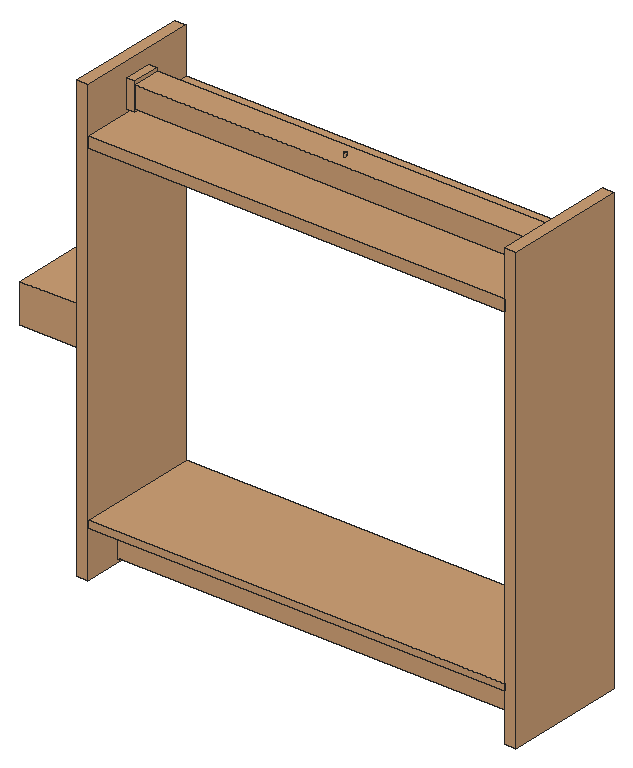
Revit family
Parameters
  Center of Unit = 0' - 0"  # constant formula
  Total Heating Capacity [instance] = 0.0 Btu/h
  Series = "VIFB"
  Outlet Area = 31.30 SF
  Lower Frame Thickness = if(Headers Height = 0' 3", 0' 1 1/4", if(Headers Height = 0' 3 1/4", 0' 1 1/4", 0' 0"))  # 0' - 1 1/4"
  Water Pressure Drop [instance] = 0.00 psi
  Water Flow [instance] = 0 GPM
  Unit Weight (lbs) = 976
  URL = "http://www.ljwing.com/"
  Water Outlet Radius = 0' - 1 1/2"
  Headers Height = if(M = 0' 1", 0' 3", if(M = 0' 1 1/2", 0' 3 1/4", 0' 0"))  # 0' - 3"
  Number of Rows = 2  # constant formula
  Number of Coils [instance] = 0
  Nominal Length = 6' - 7 1/16"
  N = 1' - 0 3/4"
  Model = "VD-7W"
  Manufacturer = "LJ Wing"
  M = 0' - 1"
  Leaving Water Temperature [instance] = 0 °F
  Leaving Air Temperature [instance] = 0 °F
  Entering Water Temperature [instance] = 0 °F
  Entering Air Temperature [instance] = 0 °F
  Description = "Vertical Integral Face & Bypass Water Heating Coils"
  Hot Water Inlet  Radius = 0' - 1 1/2"
  Coil Face Area = Outlet Area * 0.56  # 17.528 SF
  Casing Material = ""
  Assembly Code = "D3020300"
  Air Vent Radius = 0' - 0 1/4"
  Air Pressure Drop [instance] = 0.00 in-wg
  Air Inlet Width = Nominal Length - 0' 4"  # 6' - 3 1/16"
  Air Inlet Height = Y  # 5' - 0"
  Air Flow [instance] = 0 CFM
  Y = 5' - 0"
  S = 0' - 9 3/4"  # constant formula
  Product URL = "http://www.ljwing.com/html/vifb.asp"
  OmniClass = "23-75 70 21 14 "
  Nominal Height = 6' - 8"
  Nominal Depth = 1' - 10"
  R = 0' - 10 1/4"  # constant formula
  Q = 0' - 3 17/32"
Reference planes (in)
  plane 1 "Center (Front/Back)": y = 0
  plane 2: z = -30
  plane 3 "Center (Left/Right)": x = 0
  plane 4: z = 40.25
  plane 5: x = -39.53125
  plane 6: x = 39.53125
  plane 7: z = -39.75
  plane 8: z = 0
  plane 9: y = -11
  plane 10: y = 11
  plane 11: z = 30
  plane 12: z = 32
  plane 13: z = -31.25
  plane 14: x = 37.53125
  plane 15: x = -37.53125
  plane 16: x = -36
  plane 17: x = 36
  plane 18: y = 14.0625
  plane 19: x = -50.53125
  plane 20: z = 37.125
  plane 21: z = 33.125
  plane 22: y = -2.5
  plane 23: y = 2.5
  plane 24: y = -4.5
  plane 25: z = -37.375
  plane 26: x = -26.78125
  plane 27: x = 26.78125
  plane 28: z = -33.375
Forms (in)
  Extrusion 1, solid, material "Painted Finish"
    sketch origin (0, 6, -9.75) x (1, 0, 0) y (0, 0, 1)
      loop
        line (-39.53125, -30) -> (-37.53125, -30) -> (-37.53125, 50) -> (-39.53125, 50) -> (-39.53125, -30)
      loop
        line (39.53125, -30) -> (39.53125, 50) -> (37.53125, 50) -> (37.53125, -30) -> (39.53125, -30)
    from -5 to 17
  Extrusion 2, solid, material "Painted Finish"
    sketch origin (0, 6, 0) x (1, 0, 0) y (0, 0, 1)
      loop
        line (37.53125, -30) -> (-37.53125, -30) -> (-37.53125, -31.25) -> (37.53125, -31.25) -> (37.53125, -30)
      loop
        line (37.53125, 30) -> (37.53125, 32) -> (-37.53125, 32) -> (-37.53125, 30) -> (37.53125, 30)
    from -5 to 17
  Extrusion 3, solid, material "Painted Finish"
    sketch origin (0, 10, -0.5) x (1, 0, 0) y (0, 0, 1)
      loop
        line (-39.53125, 4) -> (-50.53125, 4) -> (-50.53125, -3) -> (-39.53125, -3) -> (-39.53125, 4)
    from 0 to 20
  Extrusion 4, solid, material "Painted Finish"
    sketch origin (0, 6, 0) x (1, 0, 0) y (0, 0, 1)
      loop
        line (-35.90625, 37.125) -> (-35.90625, 33.125) -> (35.90625, 33.125) -> (35.90625, 37.125) -> (-35.90625, 37.125)
    from 3.5 to 8.5
  Extrusion 5, solid, material "Painted Finish"
    sketch origin (0, 0, 0) x (1, 0, 0) y (0, 0, 1)
      loop
        line (-35.90625, 32.625) -> (-35.90625, 37.625) -> (-37.53125, 37.625) -> (-37.53125, 32.625) -> (-35.90625, 32.625)
      loop
        line (37.53125, 32.625) -> (37.53125, 37.625) -> (35.90625, 37.625) -> (35.90625, 32.625) -> (37.53125, 32.625)
    from -2.5 to 2.5
  Extrusion 6, solid, material "Painted Finish"
    sketch origin (0, 6, 0) x (1, 0, 0) y (0, 0, 1)
      loop
        line (-37.03125, -31.875) -> (-37.03125, -31.625) -> (-37.53125, -31.625) -> (-37.53125, -35.125) -> (-37.03125, -35.125) -> (-37.03125, -34.875) -> (37.03125, -34.875) -> (37.03125, -35.125) -> (37.53125, -35.125) -> (37.53125, -31.625) -> (37.03125, -31.625) -> (37.03125, -31.875) -> (-37.03125, -31.875)
      loop
        line (37.03125, -38.875) -> (37.03125, -39.125) -> (37.53125, -39.125) -> (37.53125, -35.625) -> (37.03125, -35.625) -> (37.03125, -35.875) -> (-37.03125, -35.875) -> (-37.03125, -35.625) -> (-37.53125, -35.625) -> (-37.53125, -39.125) -> (-37.03125, -39.125) -> (-37.03125, -38.875) -> (37.03125, -38.875)
    from -5 to 10.5
  Extrusion 7, void
    sketch origin (0, 0, 0) x (1, 0, 0) y (0, 0, 1)
      loop
        line (-37.53125, 30) -> (-37.53125, -30) -> (37.53125, -30) -> (37.53125, 30) -> (-37.53125, 30)
    from -11 to 11
  Extrusion 8, solid, material "Painted Finish"
    sketch origin (0, 0, 0) x (1, 0, 0) y (0, 0, 1)
      loop
        circle (26.78125, -37.375) r 1
      loop
        circle (-26.78125, -33.375) r 1
    from -14.0625 to -11
  Extrusion 9, solid, material "Painted Finish"
    sketch origin (0, 0, 0) x (1, 0, 0) y (0, 1, 0)
      loop
        circle (0, 0) r 0.25
    from 37.125 to 37.625
Cuts and joins
  Extrusion 7 cuts Extrusion 1
  Extrusion 7 cuts Extrusion 2
Dimensions and locks (in)
  "Nominal Length": plane 6 to plane 5
  equal spacing: plane 6, plane 3 "Center (Left/Right)", plane 5
  "S": plane 2 to plane 7
  "Nominal Depth": plane 10 to plane 9
  equal spacing: plane 10, plane 1 "Center (Front/Back)", plane 9
  "Y": plane 11 to plane 2
  "R": plane 4 to plane 11
  locked: plane 12 to plane 11 at 2
  "Lower Frame Thickness": plane 2 to plane 13
  "Q": plane 16 to plane 5
  "Q": plane 6 to plane 17
  locked: plane 18 to plane 10 at 3.0625
  locked: plane 5 to plane 19 at 11
  locked: Extrusion 3 sketch curve to Extrusion 3 sketch curve at 7
  locked: Extrusion 3 to Extrusion 3 at 20
  locked: plane 6 to plane 14 at 2
  locked: plane 15 to plane 5 at 2
  locked: Extrusion 5 sketch curve to plane 20 at 0.5
  locked: plane 21 to Extrusion 5 sketch curve at 0.5
  locked: plane 20 to plane 21 at 4
  locked: plane 23 to plane 22 at 5
  equal spacing: plane 23, plane 1 "Center (Front/Back)", plane 22
  locked: plane 22 to plane 24 at 2
  plane 4 to plane 7 = 6' - 8"
  locked: Extrusion 5 sketch curve to Extrusion 1 at 1.625
  locked: Extrusion 5 sketch curve to Extrusion 5 sketch curve at 1.625
  locked: Extrusion 7 sketch curve to plane 11 at 0
  locked: Extrusion 7 sketch curve to plane 15 at 0
  locked: Extrusion 7 sketch curve to plane 14 at 0
  locked: plane 15 to Extrusion 6 sketch curve at 0.5
  locked: Extrusion 6 sketch curve to Extrusion 6 sketch curve at 0.25  (x2)
  locked: plane 25 to plane 7 at 2.375
  "N": plane 26 to plane 5
  "N": plane 6 to plane 27
  locked: plane 28 to plane 7 at 6.375
  "Headers Height": Extrusion 6 sketch curve to Extrusion 6 sketch curve  (x2)
  locked: Extrusion 8 sketch curve to plane 25 at 0
  locked: Extrusion 8 sketch curve to plane 28 at 0
  locked: Extrusion 9 sketch curve to plane 1 "Center (Front/Back)" at 0
  locked: Extrusion 9 sketch curve to plane 3 "Center (Left/Right)" at 0
  equal spacing: Extrusion 6 sketch curve, plane 28, Extrusion 6 sketch curve
  equal spacing: Extrusion 6 sketch curve, plane 25, Extrusion 6 sketch curve
  locked: plane 4 to plane 20 at 3.125
  locked: Extrusion 7 sketch curve to plane 2 at 0
  equal spacing: plane 11, plane 8, plane 2
  locked: Extrusion 8 sketch curve to plane 27 at 0
  locked: Extrusion 8 sketch curve to plane 26 at 0
  "M": radius of Extrusion 8 sketch curve  (x2)
  "Air Vent Radius": radius of Extrusion 9 sketch curve
  aligned and locked: Extrusion 1 to plane 9
  aligned and locked: Extrusion 1 to plane 10
  aligned and locked: Extrusion 1 to plane 15
  aligned and locked: Extrusion 1 to plane 14
  aligned and locked: Extrusion 2 to plane 9
  aligned and locked: plane 9 to Extrusion 1
  aligned and locked: plane 10 to Extrusion 1  (x2)
  aligned and locked: Extrusion 2 to plane 10
  aligned and locked: plane 10 to Extrusion 2  (x2)
  aligned and locked: plane 9 to Extrusion 2  (x2)
  aligned and locked: plane 5 to Extrusion 3
  aligned and locked: Extrusion 5 sketch curve to plane 15
  aligned and locked: Extrusion 5 sketch curve to Extrusion 4
  aligned and locked: Extrusion 1 to Extrusion 6
  aligned and locked: plane 22 to Extrusion 5
  aligned and locked: Extrusion 5 to Extrusion 4  (x2)
  aligned and locked: Extrusion 5 to plane 23
  aligned and locked: Extrusion 6 to plane 24
  aligned and locked: Extrusion 4 to Extrusion 5  (x2)
  aligned and locked: Extrusion 5 to Extrusion 1  (x2)
  aligned and locked: Extrusion 1 to Extrusion 7  (x2)
  aligned and locked: plane 18 to Extrusion 8
  aligned and locked: Extrusion 8 to plane 10
  aligned and locked: plane 20 to Extrusion 9
  aligned and locked: Extrusion 9 to Extrusion 5
  aligned and locked: plane 2 to cut or joined group of Extrusion 2, Extrusion 7
  aligned and locked: Extrusion 1 sketch curve to plane 6
  aligned and locked: Extrusion 1 sketch curve to plane 14
  aligned and locked: Extrusion 1 sketch curve to plane 15
  aligned and locked: Extrusion 1 sketch curve to plane 5
  aligned and locked: Extrusion 1 sketch curve to plane 4  (x2)
  aligned and locked: plane 7 to Extrusion 1 sketch curve  (x2)
  aligned and locked: Extrusion 2 sketch curve to plane 11
  aligned and locked: Extrusion 2 sketch curve to plane 12
  aligned and locked: plane 2 to Extrusion 2 sketch curve
  aligned and locked: Extrusion 2 sketch curve to plane 13
  aligned and locked: Extrusion 2 sketch curve to plane 14  (x2)
  aligned and locked: Extrusion 2 sketch curve to plane 15  (x2)
  aligned and locked: plane 20 to Extrusion 4 sketch curve
  aligned and locked: Extrusion 4 sketch curve to plane 21
  aligned and locked: plane 14 to Extrusion 6 sketch curve
  aligned and locked: Extrusion 6 sketch curve to plane 14
  aligned and locked: Extrusion 6 sketch curve to plane 15  (x2)
Automatic sketch dimensions
  Extrusion 3 sketch curve to plane 19 = 0' - 0"
  Extrusion 3 sketch curve to plane 5 = 0' - 0"
  plane 8 to Extrusion 3 sketch curve = 0' - 3 1/2"
  plane 16 to Extrusion 4 sketch curve = 0' - 0 3/32"
  Extrusion 4 sketch curve to plane 17 = 0' - 0 3/32"
  plane 21 to Extrusion 5 sketch curve = 0' - 0 1/2"
  Extrusion 5 sketch curve to plane 20 = 0' - 0 1/2"
  plane 15 to Extrusion 6 sketch curve = 0' - 0 1/2"  (x2)
  Extrusion 6 sketch curve to Extrusion 6 sketch curve = 0' - 0 1/4"  (x5)
  Extrusion 6 sketch curve to Extrusion 6 sketch curve = 0' - 0"  (x2)
  Extrusion 6 sketch curve to plane 14 = 0' - 0 1/2"  (x2)
  Extrusion 6 sketch curve to Extrusion 6 sketch curve = 0' - 0 1/2"
  Extrusion 6 sketch curve to plane 7 = 0' - 0 5/8"
Connectors (in)
  hvac at (0, -11, 0), driven by "Air Inlet Height", driven by "Air Inlet Width", driven by "Air Flow", driven by "Air Pressure Drop"
    settings: on Extrusion 7, index 1
  hvac at (0, 11, 0), driven by "Air Pressure Drop", driven by "Air Inlet Height", driven by "Air Inlet Width", driven by "Air Flow"
    settings: on Extrusion 7, index 2
  piping at (-26.78125, 14.0625, -33.375), driven by "M", driven by "Water Flow", driven by "Water Pressure Drop"
    settings: on Extrusion 8, index 4
  piping at (26.78125, 14.0625, -37.375), driven by "Water Pressure Drop", driven by "Water Flow", driven by "M"
    settings: on Extrusion 8, index 5
